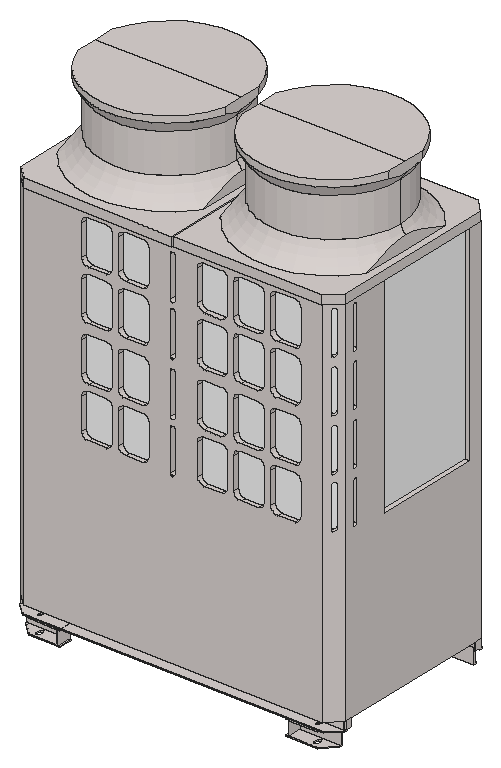
Revit family "PUHY-EM450YNW-A1", category 機械設備, Revit 2016
Family settings
  パーツ タイプ = 標準
  丸型コネクタ寸法 = 半径を使用
  OmniClass 番号 = 23.75.00.00
  OmniClass タイトル = Climate Control (HVAC)
  作業面に基づく = いいえ
  常に垂直 = はい
  ロード時にボイドで切り取り = いいえ
  共有 = いいえ
  部屋の計算ポイント = いいえ
Parameters (values of type "PUHY-EM450YNW-A1_380V_50Hz")
  Temp. range of cooling (Outdoor temp.) (D.B.) = "-5.0 to 52.0"
  Temp. range of cooling (Indoor temp.) (W.B.) = "15.0 to 24.0"
  Sound Pressure Level (dB(A)) Heating mode = 69.5
  Sound Pressure Level (dB(A)) Cooling mode = 65.5
  モデル = "PUHY-EM450YNW-A1"
  Width = 1240.000 mm
  WarrantyStart = ""
  Voltage = 380 V
  Unit Weight (kg) = 299
  URL = "http://www.mitsubishielectric.com/"
  製造元 = "Mitsubishi Electric Corporation"
  Temp. range of heating (Outdoor temp.) (W.B.) = "-20.0 to 15.5"
  Temp. range of heating (Indoor temp.) (D.B.) = "15.0 to 27.0"
  TagNumber = 0
  Subcategory = "HVAC"
  Space View = yes
  SerialNumber = 0
  ReplacementYear = ""
  Refrigerant type = "R32"
  Refrigerant Charge (kg) = 10.8
  Rated Load Ampacity (A) Heating mode = 26.4
  Rated Load Ampacity (A) Cooling mode = 23.9
  Protection Devices_Inverter circuit (COMP./FAN) = "Over-heat protection, Over-current protection"
  Protection Devices_High pressure (MPa) = "High pressure sensor, High pressure switch at 4.15"
  Phase = 3
  Outdoor unit Breaker size (A) = 60
  Note_1 = "Refrigerant pipe diameters may change depending on the installation condition. Please refer to the installation manual."
  Maximum Circuit Ampacity (A) = 37.8
  Liquid pipe_radius = 7.940 mm
  InstallationDate = ""
  Indoor Unit Total Capacity = "50 to 130% of outdoor unit capacity"
  Indoor Unit Model/Quantity = "W10 to W125/1 to 39"
  Hertz = 50 Hz
  Height = 1858.000 mm
  Heating Power Input (kW) = 15.68
  Heating Current (A) = 26.4
  Heating Capacity (kW) = 56
  Heating COP (kW/kW) = 3.57
  Gas pipe_radius = 14.290 mm
  Fan_Type = "Propeller Fan"
  Fan_Quantity = 2
  Fan Motor Output (kW) = 0.92
  External static pressure (Pa) = 0
  External Finish = "Pre-coated galvanized steel sheets (+powder coating for -BS type) <MUNSELL 5Y 8/1 or similar>"
  Equip_description = ""
  Equip_No. = 0
  Equip_ID = ""
  Description = ""
  Depth = 740.000 mm
  CreatedOn = ""
  CreatedBy = ""
  Cooling Power Input (kW) = 14.2
  Cooling EER (kW/kW) = 3.52
  Cooling Current (A) = 23.9
  Cooling Capacity (kW) = 50
  Compressor_Type = "Inverter scroll hermetic compressor"
  Compressor_Quantity = 1
  Compressor_Lubricant = "MEL46EH"
  Compressor Motor Output (kW) = "12.6"
  Category = ""
  Barcode = ""
  AssetIdentifier = ""
  Airflow Rate (m3/min) = 305
  Airflow Rate (m3/h) = 18300
Reference planes
  plane 1 "Center (Front/Back)": y = 0
  plane 2: z = 0
  plane 3 "Center (Left/Right)": x = 0
  plane 4: y = 370
  plane 5: z = 1858
  plane 6: y = -260
  plane 7: y = -204
  plane 8: y = -185
  plane 9: x = -620
  plane 10: x = 620
  plane 11: x = -620
  plane 12: z = 716
  plane 13: x = -524
  plane 14: z = 669
  plane 15: x = -50.5
  plane 16: x = 51
  plane 17: x = 489
  plane 18: x = 467
  plane 19 "132": x = 488
  plane 20 "100": z = 160
  plane 21: z = 185
  plane 22: x = 413
  plane 23: x = 364
  plane 24: z = 150
  plane 25: x = -287.25
  plane 26: x = -137.25
  plane 27: x = -272.25
  plane 28: y = -278
  plane 29: z = 1509
  plane 30: y = -370
  plane 31: x = -530
  plane 32: x = 530
  plane 33 "179": y = -191
Forms (mm)
  Extrusion 1, solid, material "Paint_5Y 8/1"
    sketch origin (-1, 0, 113) x (-1, 0, 0) y (0, -1, 0)
      loop
        line (569, -370) -> (619, -320) -> (619, 320) -> (569, 370) -> (-571, 370) -> (-621, 320) -> (-621, -320) -> (-571, -370) -> (569, -370)
    from -18 to 1408
  Extrusion 2, void
    sketch origin (524, -370, 113) x (1, 0, 0) y (0, 0, -1)
      loop
        arc (-60.8, -1393.5) -> (-42.557, -1385.943) -> (-35, -1367.7) r 25.8
        line (-35, -1367.7) -> (-35, -1248.5)
        arc (-35, -1248.5) -> (-42.557, -1230.257) -> (-60.8, -1222.7) r 25.8
        line (-60.8, -1222.7) -> (-126, -1222.7)
        arc (-126, -1222.7) -> (-144.243, -1230.257) -> (-151.8, -1248.5) r 25.8
        line (-151.8, -1248.5) -> (-151.8, -1367.7)
        arc (-151.8, -1367.7) -> (-144.243, -1385.943) -> (-126, -1393.5) r 25.8
        line (-126, -1393.5) -> (-60.8, -1393.5)
    from 0 to 20
  Extrusion 3, void
    sketch origin (524, -370, -81) x (1, 0, 0) y (0, 0, -1)
      loop
        arc (-60.8, -1393.5) -> (-42.557, -1385.943) -> (-35, -1367.7) r 25.8
        line (-35, -1367.7) -> (-35, -1248.5)
        arc (-35, -1248.5) -> (-42.557, -1230.257) -> (-60.8, -1222.7) r 25.8
        line (-60.8, -1222.7) -> (-126, -1222.7)
        arc (-126, -1222.7) -> (-144.243, -1230.257) -> (-151.8, -1248.5) r 25.8
        line (-151.8, -1248.5) -> (-151.8, -1367.7)
        arc (-151.8, -1367.7) -> (-144.243, -1385.943) -> (-126, -1393.5) r 25.8
        line (-126, -1393.5) -> (-60.8, -1393.5)
    from 0 to 20
  Extrusion 4, void
    sketch origin (524, -370, -287) x (1, 0, 0) y (0, 0, -1)
      loop
        arc (-60.8, -1393.5) -> (-42.557, -1385.943) -> (-35, -1367.7) r 25.8
        line (-35, -1367.7) -> (-35, -1248.5)
        arc (-35, -1248.5) -> (-42.557, -1230.257) -> (-60.8, -1222.7) r 25.8
        line (-60.8, -1222.7) -> (-126, -1222.7)
        arc (-126, -1222.7) -> (-144.243, -1230.257) -> (-151.8, -1248.5) r 25.8
        line (-151.8, -1248.5) -> (-151.8, -1367.7)
        arc (-151.8, -1367.7) -> (-144.243, -1385.943) -> (-126, -1393.5) r 25.8
        line (-126, -1393.5) -> (-60.8, -1393.5)
    from 0 to 20
  Extrusion 5, void
    sketch origin (524, -370, -481) x (1, 0, 0) y (0, 0, -1)
      loop
        arc (-60.8, -1393.5) -> (-42.557, -1385.943) -> (-35, -1367.7) r 25.8
        line (-35, -1367.7) -> (-35, -1248.5)
        arc (-35, -1248.5) -> (-42.557, -1230.257) -> (-60.8, -1222.7) r 25.8
        line (-60.8, -1222.7) -> (-126, -1222.7)
        arc (-126, -1222.7) -> (-144.243, -1230.257) -> (-151.8, -1248.5) r 25.8
        line (-151.8, -1248.5) -> (-151.8, -1367.7)
        arc (-151.8, -1367.7) -> (-144.243, -1385.943) -> (-126, -1393.5) r 25.8
        line (-126, -1393.5) -> (-60.8, -1393.5)
    from 0 to 20
  Extrusion 6, void
    sketch origin (384, -370, 113) x (1, 0, 0) y (0, 0, -1)
      loop
        arc (-60.8, -1393.5) -> (-42.557, -1385.943) -> (-35, -1367.7) r 25.8
        line (-35, -1367.7) -> (-35, -1248.5)
        arc (-35, -1248.5) -> (-42.557, -1230.257) -> (-60.8, -1222.7) r 25.8
        line (-60.8, -1222.7) -> (-126, -1222.7)
        arc (-126, -1222.7) -> (-144.243, -1230.257) -> (-151.8, -1248.5) r 25.8
        line (-151.8, -1248.5) -> (-151.8, -1367.7)
        arc (-151.8, -1367.7) -> (-144.243, -1385.943) -> (-126, -1393.5) r 25.8
        line (-126, -1393.5) -> (-60.8, -1393.5)
    from 0 to 20
  Extrusion 7, void
    sketch origin (384, -370, -81) x (1, 0, 0) y (0, 0, -1)
      loop
        arc (-60.8, -1393.5) -> (-42.557, -1385.943) -> (-35, -1367.7) r 25.8
        line (-35, -1367.7) -> (-35, -1248.5)
        arc (-35, -1248.5) -> (-42.557, -1230.257) -> (-60.8, -1222.7) r 25.8
        line (-60.8, -1222.7) -> (-126, -1222.7)
        arc (-126, -1222.7) -> (-144.243, -1230.257) -> (-151.8, -1248.5) r 25.8
        line (-151.8, -1248.5) -> (-151.8, -1367.7)
        arc (-151.8, -1367.7) -> (-144.243, -1385.943) -> (-126, -1393.5) r 25.8
        line (-126, -1393.5) -> (-60.8, -1393.5)
    from 0 to 20
  Extrusion 8, void
    sketch origin (384, -370, -287) x (1, 0, 0) y (0, 0, -1)
      loop
        arc (-60.8, -1393.5) -> (-42.557, -1385.943) -> (-35, -1367.7) r 25.8
        line (-35, -1367.7) -> (-35, -1248.5)
        arc (-35, -1248.5) -> (-42.557, -1230.257) -> (-60.8, -1222.7) r 25.8
        line (-60.8, -1222.7) -> (-126, -1222.7)
        arc (-126, -1222.7) -> (-144.243, -1230.257) -> (-151.8, -1248.5) r 25.8
        line (-151.8, -1248.5) -> (-151.8, -1367.7)
        arc (-151.8, -1367.7) -> (-144.243, -1385.943) -> (-126, -1393.5) r 25.8
        line (-126, -1393.5) -> (-60.8, -1393.5)
    from 0 to 20
  Extrusion 9, void
    sketch origin (384, -370, -481) x (1, 0, 0) y (0, 0, -1)
      loop
        arc (-60.8, -1393.5) -> (-42.557, -1385.943) -> (-35, -1367.7) r 25.8
        line (-35, -1367.7) -> (-35, -1248.5)
        arc (-35, -1248.5) -> (-42.557, -1230.257) -> (-60.8, -1222.7) r 25.8
        line (-60.8, -1222.7) -> (-126, -1222.7)
        arc (-126, -1222.7) -> (-144.243, -1230.257) -> (-151.8, -1248.5) r 25.8
        line (-151.8, -1248.5) -> (-151.8, -1367.7)
        arc (-151.8, -1367.7) -> (-144.243, -1385.943) -> (-126, -1393.5) r 25.8
        line (-126, -1393.5) -> (-60.8, -1393.5)
    from 0 to 20
  Extrusion 10, void
    sketch origin (244, -370, 113) x (1, 0, 0) y (0, 0, -1)
      loop
        arc (-60.8, -1393.5) -> (-42.557, -1385.943) -> (-35, -1367.7) r 25.8
        line (-35, -1367.7) -> (-35, -1248.5)
        arc (-35, -1248.5) -> (-42.557, -1230.257) -> (-60.8, -1222.7) r 25.8
        line (-60.8, -1222.7) -> (-126, -1222.7)
        arc (-126, -1222.7) -> (-144.243, -1230.257) -> (-151.8, -1248.5) r 25.8
        line (-151.8, -1248.5) -> (-151.8, -1367.7)
        arc (-151.8, -1367.7) -> (-144.243, -1385.943) -> (-126, -1393.5) r 25.8
        line (-126, -1393.5) -> (-60.8, -1393.5)
    from 0 to 20
  Extrusion 11, void
    sketch origin (244, -370, -81) x (1, 0, 0) y (0, 0, -1)
      loop
        arc (-60.8, -1393.5) -> (-42.557, -1385.943) -> (-35, -1367.7) r 25.8
        line (-35, -1367.7) -> (-35, -1248.5)
        arc (-35, -1248.5) -> (-42.557, -1230.257) -> (-60.8, -1222.7) r 25.8
        line (-60.8, -1222.7) -> (-126, -1222.7)
        arc (-126, -1222.7) -> (-144.243, -1230.257) -> (-151.8, -1248.5) r 25.8
        line (-151.8, -1248.5) -> (-151.8, -1367.7)
        arc (-151.8, -1367.7) -> (-144.243, -1385.943) -> (-126, -1393.5) r 25.8
        line (-126, -1393.5) -> (-60.8, -1393.5)
    from 0 to 20
  Extrusion 12, void
    sketch origin (244, -370, -287) x (1, 0, 0) y (0, 0, -1)
      loop
        arc (-60.8, -1393.5) -> (-42.557, -1385.943) -> (-35, -1367.7) r 25.8
        line (-35, -1367.7) -> (-35, -1248.5)
        arc (-35, -1248.5) -> (-42.557, -1230.257) -> (-60.8, -1222.7) r 25.8
        line (-60.8, -1222.7) -> (-126, -1222.7)
        arc (-126, -1222.7) -> (-144.243, -1230.257) -> (-151.8, -1248.5) r 25.8
        line (-151.8, -1248.5) -> (-151.8, -1367.7)
        arc (-151.8, -1367.7) -> (-144.243, -1385.943) -> (-126, -1393.5) r 25.8
        line (-126, -1393.5) -> (-60.8, -1393.5)
    from 0 to 20
  Extrusion 13, void
    sketch origin (244, -370, -481) x (1, 0, 0) y (0, 0, -1)
      loop
        arc (-60.8, -1393.5) -> (-42.557, -1385.943) -> (-35, -1367.7) r 25.8
        line (-35, -1367.7) -> (-35, -1248.5)
        arc (-35, -1248.5) -> (-42.557, -1230.257) -> (-60.8, -1222.7) r 25.8
        line (-60.8, -1222.7) -> (-126, -1222.7)
        arc (-126, -1222.7) -> (-144.243, -1230.257) -> (-151.8, -1248.5) r 25.8
        line (-151.8, -1248.5) -> (-151.8, -1367.7)
        arc (-151.8, -1367.7) -> (-144.243, -1385.943) -> (-126, -1393.5) r 25.8
        line (-126, -1393.5) -> (-60.8, -1393.5)
    from 0 to 20
  Extrusion 14, void
    sketch origin (-56, -370, 113) x (1, 0, 0) y (0, 0, -1)
      loop
        arc (-60.8, -1393.5) -> (-42.557, -1385.943) -> (-35, -1367.7) r 25.8
        line (-35, -1367.7) -> (-35, -1248.5)
        arc (-35, -1248.5) -> (-42.557, -1230.257) -> (-60.8, -1222.7) r 25.8
        line (-60.8, -1222.7) -> (-126, -1222.7)
        arc (-126, -1222.7) -> (-144.243, -1230.257) -> (-151.8, -1248.5) r 25.8
        line (-151.8, -1248.5) -> (-151.8, -1367.7)
        arc (-151.8, -1367.7) -> (-144.243, -1385.943) -> (-126, -1393.5) r 25.8
        line (-126, -1393.5) -> (-60.8, -1393.5)
    from 0 to 20
  Extrusion 15, void
    sketch origin (-56, -370, -81) x (1, 0, 0) y (0, 0, -1)
      loop
        arc (-60.8, -1393.5) -> (-42.557, -1385.943) -> (-35, -1367.7) r 25.8
        line (-35, -1367.7) -> (-35, -1248.5)
        arc (-35, -1248.5) -> (-42.557, -1230.257) -> (-60.8, -1222.7) r 25.8
        line (-60.8, -1222.7) -> (-126, -1222.7)
        arc (-126, -1222.7) -> (-144.243, -1230.257) -> (-151.8, -1248.5) r 25.8
        line (-151.8, -1248.5) -> (-151.8, -1367.7)
        arc (-151.8, -1367.7) -> (-144.243, -1385.943) -> (-126, -1393.5) r 25.8
        line (-126, -1393.5) -> (-60.8, -1393.5)
    from 0 to 20
  Extrusion 16, void
    sketch origin (-56, -370, -287) x (1, 0, 0) y (0, 0, -1)
      loop
        arc (-60.8, -1393.5) -> (-42.557, -1385.943) -> (-35, -1367.7) r 25.8
        line (-35, -1367.7) -> (-35, -1248.5)
        arc (-35, -1248.5) -> (-42.557, -1230.257) -> (-60.8, -1222.7) r 25.8
        line (-60.8, -1222.7) -> (-126, -1222.7)
        arc (-126, -1222.7) -> (-144.243, -1230.257) -> (-151.8, -1248.5) r 25.8
        line (-151.8, -1248.5) -> (-151.8, -1367.7)
        arc (-151.8, -1367.7) -> (-144.243, -1385.943) -> (-126, -1393.5) r 25.8
        line (-126, -1393.5) -> (-60.8, -1393.5)
    from 0 to 20
  Extrusion 17, void
    sketch origin (-56, -370, -481) x (1, 0, 0) y (0, 0, -1)
      loop
        arc (-60.8, -1393.5) -> (-42.557, -1385.943) -> (-35, -1367.7) r 25.8
        line (-35, -1367.7) -> (-35, -1248.5)
        arc (-35, -1248.5) -> (-42.557, -1230.257) -> (-60.8, -1222.7) r 25.8
        line (-60.8, -1222.7) -> (-126, -1222.7)
        arc (-126, -1222.7) -> (-144.243, -1230.257) -> (-151.8, -1248.5) r 25.8
        line (-151.8, -1248.5) -> (-151.8, -1367.7)
        arc (-151.8, -1367.7) -> (-144.243, -1385.943) -> (-126, -1393.5) r 25.8
        line (-126, -1393.5) -> (-60.8, -1393.5)
    from 0 to 20
  Extrusion 18, void
    sketch origin (-196, -370, 113) x (1, 0, 0) y (0, 0, -1)
      loop
        arc (-60.8, -1393.5) -> (-42.557, -1385.943) -> (-35, -1367.7) r 25.8
        line (-35, -1367.7) -> (-35, -1248.5)
        arc (-35, -1248.5) -> (-42.557, -1230.257) -> (-60.8, -1222.7) r 25.8
        line (-60.8, -1222.7) -> (-126, -1222.7)
        arc (-126, -1222.7) -> (-144.243, -1230.257) -> (-151.8, -1248.5) r 25.8
        line (-151.8, -1248.5) -> (-151.8, -1367.7)
        arc (-151.8, -1367.7) -> (-144.243, -1385.943) -> (-126, -1393.5) r 25.8
        line (-126, -1393.5) -> (-60.8, -1393.5)
    from 0 to 20
  Extrusion 19, void
    sketch origin (-196, -370, -81) x (1, 0, 0) y (0, 0, -1)
      loop
        arc (-60.8, -1393.5) -> (-42.557, -1385.943) -> (-35, -1367.7) r 25.8
        line (-35, -1367.7) -> (-35, -1248.5)
        arc (-35, -1248.5) -> (-42.557, -1230.257) -> (-60.8, -1222.7) r 25.8
        line (-60.8, -1222.7) -> (-126, -1222.7)
        arc (-126, -1222.7) -> (-144.243, -1230.257) -> (-151.8, -1248.5) r 25.8
        line (-151.8, -1248.5) -> (-151.8, -1367.7)
        arc (-151.8, -1367.7) -> (-144.243, -1385.943) -> (-126, -1393.5) r 25.8
        line (-126, -1393.5) -> (-60.8, -1393.5)
    from 0 to 20
  Extrusion 20, void
    sketch origin (-196, -370, -287) x (1, 0, 0) y (0, 0, -1)
      loop
        arc (-60.8, -1393.5) -> (-42.557, -1385.943) -> (-35, -1367.7) r 25.8
        line (-35, -1367.7) -> (-35, -1248.5)
        arc (-35, -1248.5) -> (-42.557, -1230.257) -> (-60.8, -1222.7) r 25.8
        line (-60.8, -1222.7) -> (-126, -1222.7)
        arc (-126, -1222.7) -> (-144.243, -1230.257) -> (-151.8, -1248.5) r 25.8
        line (-151.8, -1248.5) -> (-151.8, -1367.7)
        arc (-151.8, -1367.7) -> (-144.243, -1385.943) -> (-126, -1393.5) r 25.8
        line (-126, -1393.5) -> (-60.8, -1393.5)
    from 0 to 20
  Extrusion 21, void
    sketch origin (-196, -370, -481) x (1, 0, 0) y (0, 0, -1)
      loop
        arc (-60.8, -1393.5) -> (-42.557, -1385.943) -> (-35, -1367.7) r 25.8
        line (-35, -1367.7) -> (-35, -1248.5)
        arc (-35, -1248.5) -> (-42.557, -1230.257) -> (-60.8, -1222.7) r 25.8
        line (-60.8, -1222.7) -> (-126, -1222.7)
        arc (-126, -1222.7) -> (-144.243, -1230.257) -> (-151.8, -1248.5) r 25.8
        line (-151.8, -1248.5) -> (-151.8, -1367.7)
        arc (-151.8, -1367.7) -> (-144.243, -1385.943) -> (-126, -1393.5) r 25.8
        line (-126, -1393.5) -> (-60.8, -1393.5)
    from 0 to 20
  Extrusion 22, void
    sketch origin (620, 320, 113) x (0, 1, 0) y (0, 0, -1)
      loop
        line (-462.3, -1408) -> (-50.8, -1408) -> (-50.8, -612) -> (-462.3, -612) -> (-462.3, -1408)
    from 0 to 20
  Extrusion 23, void
    sketch origin (-620, -320, 113) x (0, -1, 0) y (0, 0, -1)
      loop
        line (-535.7, -1408) -> (-207.7, -1408) -> (-207.7, -592) -> (-535.7, -592) -> (-535.7, -1408)
    from 0 to 20
  Extrusion 24, void
    sketch origin (194.892, 370, 113) x (-1, 0, 0) y (0, 0, -1)
      loop
        arc (204.892, -1225.013) -> (194.892, -1215.013) -> (184.892, -1225.013) r 10
        line (184.892, -1225.013) -> (184.892, -1379.987)
        arc (184.892, -1379.987) -> (194.892, -1389.987) -> (204.892, -1379.987) r 10
        line (204.892, -1379.987) -> (204.892, -1225.013)
      loop
        arc (204.892, -1031.013) -> (194.892, -1021.013) -> (184.892, -1031.013) r 10
        line (184.892, -1031.013) -> (184.892, -1185.987)
        arc (184.892, -1185.987) -> (194.892, -1195.987) -> (204.892, -1185.987) r 10
        line (204.892, -1185.987) -> (204.892, -1031.013)
      loop
        arc (204.892, -825.013) -> (194.892, -815.013) -> (184.892, -825.013) r 10
        line (184.892, -825.013) -> (184.892, -979.987)
        arc (184.892, -979.987) -> (194.892, -989.987) -> (204.892, -979.987) r 10
        line (204.892, -979.987) -> (204.892, -825.013)
      loop
        arc (204.892, -631.013) -> (194.892, -621.013) -> (184.892, -631.013) r 10
        line (184.892, -631.013) -> (184.892, -785.987)
        arc (184.892, -785.987) -> (194.892, -795.987) -> (204.892, -785.987) r 10
        line (204.892, -785.987) -> (204.892, -631.013)
    from 0 to 20
  Extrusion 25, void
    sketch origin (-570, 370, 113) x (0.707107, 0.707107, 0) y (0, 0, 1)
      loop
        arc (-45.355, 1236) -> (-35.355, 1226) -> (-25.355, 1236) r 10
        line (-25.355, 1236) -> (-25.355, 1386)
        arc (-25.355, 1386) -> (-35.355, 1396) -> (-45.355, 1386) r 10
        line (-45.355, 1386) -> (-45.355, 1236)
      loop
        arc (-45.355, 1036) -> (-35.355, 1026) -> (-25.355, 1036) r 10
        line (-25.355, 1036) -> (-25.355, 1186)
        arc (-25.355, 1186) -> (-35.355, 1196) -> (-45.355, 1186) r 10
        line (-45.355, 1186) -> (-45.355, 1036)
      loop
        arc (-45.355, 836) -> (-35.355, 826) -> (-25.355, 836) r 10
        line (-25.355, 836) -> (-25.355, 986)
        arc (-25.355, 986) -> (-35.355, 996) -> (-45.355, 986) r 10
        line (-45.355, 986) -> (-45.355, 836)
      loop
        arc (-45.355, 641) -> (-35.355, 631) -> (-25.355, 641) r 10
        line (-25.355, 641) -> (-25.355, 791)
        arc (-25.355, 791) -> (-35.355, 801) -> (-45.355, 791) r 10
        line (-45.355, 791) -> (-45.355, 641)
    from 0 to 20
  Extrusion 26, void
    sketch origin (-620, -320, 113) x (0, -1, 0) y (0, 0, -1)
      loop
        line (-607.846, -1035.895) -> (-607.846, -1186.105)
        arc (-607.846, -1186.105) -> (-597.846, -1196.105) -> (-587.846, -1186.105) r 10
        line (-587.846, -1186.105) -> (-587.846, -1035.895)
        arc (-587.846, -1035.895) -> (-597.846, -1025.895) -> (-607.846, -1035.895) r 10
      loop
        line (-607.846, -835.895) -> (-607.846, -986.105)
        arc (-607.846, -986.105) -> (-597.846, -996.105) -> (-587.846, -986.105) r 10
        line (-587.846, -986.105) -> (-587.846, -835.895)
        arc (-587.846, -835.895) -> (-597.846, -825.895) -> (-607.846, -835.895) r 10
      loop
        line (-607.846, -1235.895) -> (-607.846, -1386.105)
        arc (-607.846, -1386.105) -> (-597.846, -1396.105) -> (-587.846, -1386.105) r 10
        line (-587.846, -1386.105) -> (-587.846, -1235.895)
        arc (-587.846, -1235.895) -> (-597.846, -1225.895) -> (-607.846, -1235.895) r 10
      loop
        line (-607.846, -635.895) -> (-607.846, -786.105)
        arc (-607.846, -786.105) -> (-597.846, -796.105) -> (-587.846, -786.105) r 10
        line (-587.846, -786.105) -> (-587.846, -635.895)
        arc (-587.846, -635.895) -> (-597.846, -625.895) -> (-607.846, -635.895) r 10
    from 0 to 20
  Extrusion 27, void
    sketch origin (1079, -370, 113) x (1, 0, 0) y (0, 0, -1)
      loop
        arc (-1089, -1379.975) -> (-1079, -1389.975) -> (-1069, -1379.975) r 10
        line (-1069, -1379.975) -> (-1069, -1225)
        arc (-1069, -1225) -> (-1079, -1215) -> (-1089, -1225) r 10
        line (-1089, -1225) -> (-1089, -1379.975)
      loop
        arc (-1089, -1185.975) -> (-1079, -1195.975) -> (-1069, -1185.975) r 10
        line (-1069, -1185.975) -> (-1069, -1031)
        arc (-1069, -1031) -> (-1079, -1021) -> (-1089, -1031) r 10
        line (-1089, -1031) -> (-1089, -1185.975)
      loop
        arc (-1089, -979.975) -> (-1079, -989.975) -> (-1069, -979.975) r 10
        line (-1069, -979.975) -> (-1069, -825)
        arc (-1069, -825) -> (-1079, -815) -> (-1089, -825) r 10
        line (-1089, -825) -> (-1089, -979.975)
      loop
        arc (-1089, -785.975) -> (-1079, -795.975) -> (-1069, -785.975) r 10
        line (-1069, -785.975) -> (-1069, -631)
        arc (-1069, -631) -> (-1079, -621) -> (-1089, -631) r 10
        line (-1089, -631) -> (-1089, -785.975)
    from 0 to 20
  Extrusion 28, void
    sketch origin (-571, 370, 113) x (-1, 0, 0) y (0, 0, -1)
      loop
        line (-519.5, -1408) -> (-48, -1408) -> (-48, -556) -> (-519.5, -556) -> (-519.5, -1408)
    from 0 to 20
  Extrusion 29, void
    sketch origin (-571, 370, 113) x (-1, 0, 0) y (0, 0, -1)
      loop
        line (-1038, -1408) -> (-622, -1408) -> (-622, -556) -> (-1038, -556) -> (-1038, -1408)
    from 0 to 20
  Extrusion 30, void
    sketch origin (620, 320, 113) x (0, 1, 0) y (0, 0, -1)
      loop
        arc (-588, -1035.791) -> (-598, -1025.791) -> (-608, -1035.791) r 10
        line (-608, -1035.791) -> (-608, -1186)
        arc (-608, -1186) -> (-598, -1196) -> (-588, -1186) r 10
        line (-588, -1186) -> (-588, -1035.791)
      loop
        arc (-588, -835.791) -> (-598, -825.791) -> (-608, -835.791) r 10
        line (-608, -835.791) -> (-608, -986)
        arc (-608, -986) -> (-598, -996) -> (-588, -986) r 10
        line (-588, -986) -> (-588, -835.791)
      loop
        arc (-588, -1235.791) -> (-598, -1225.791) -> (-608, -1235.791) r 10
        line (-608, -1235.791) -> (-608, -1386)
        arc (-608, -1386) -> (-598, -1396) -> (-588, -1386) r 10
        line (-588, -1386) -> (-588, -1235.791)
      loop
        arc (-588, -635.791) -> (-598, -625.791) -> (-608, -635.791) r 10
        line (-608, -635.791) -> (-608, -786)
        arc (-608, -786) -> (-598, -796) -> (-588, -786) r 10
        line (-588, -786) -> (-588, -635.791)
    from 0 to 20
  Extrusion 31, void
    sketch origin (1291.751, 351.751, 113) x (0.707107, 0.707107, 0) y (0, 0, -1)
      loop
        line (-995.311, -1236) -> (-995.311, -1386)
        arc (-995.311, -1386) -> (-985.311, -1396) -> (-975.311, -1386) r 10
        line (-975.311, -1386) -> (-975.311, -1236)
        arc (-975.311, -1236) -> (-985.311, -1226) -> (-995.311, -1236) r 10
      loop
        line (-995.311, -1036) -> (-995.311, -1186)
        arc (-995.311, -1186) -> (-985.311, -1196) -> (-975.311, -1186) r 10
        line (-975.311, -1186) -> (-975.311, -1036)
        arc (-975.311, -1036) -> (-985.311, -1026) -> (-995.311, -1036) r 10
      loop
        line (-995.311, -836) -> (-995.311, -986)
        arc (-995.311, -986) -> (-985.311, -996) -> (-975.311, -986) r 10
        line (-975.311, -986) -> (-975.311, -836)
        arc (-975.311, -836) -> (-985.311, -826) -> (-995.311, -836) r 10
      loop
        line (-995.311, -641) -> (-995.311, -791)
        arc (-995.311, -791) -> (-985.311, -801) -> (-975.311, -791) r 10
        line (-975.311, -791) -> (-975.311, -641)
        arc (-975.311, -641) -> (-985.311, -631) -> (-995.311, -641) r 10
    from 0 to 20
  Extrusion 32, void
    sketch origin (0, -191, 0) x (-1, 0, 0) y (0, 0, 1)
      loop
        circle (460, 176) r 7.94
    from 0 to 78.7
  Extrusion 33, void
    sketch origin (0, -191, 0) x (-1, 0, 0) y (0, 0, 1)
      loop
        circle (377, 176) r 14.29
    from 0 to 78.7
Cuts and joins
  Extrusion 2, Extrusion 3, Extrusion 4, Extrusion 5, Extrusion 6, Extrusion 7, Extrusion 8, Extrusion 9, Extrusion 10, Extrusion 11, Extrusion 12, Extrusion 13, Extrusion 14, Extrusion 15, Extrusion 16, Extrusion 17, Extrusion 18, Extrusion 19, Extrusion 20, Extrusion 21, Extrusion 22, Extrusion 23, Extrusion 24, Extrusion 25, Extrusion 26, Extrusion 27, Extrusion 28, Extrusion 29, Extrusion 30, Extrusion 31, Extrusion 32, Extrusion 33 cuts Extrusion 1
Lines and regions (mm)
  model lines
    curve 1: line (-351, -291, 95) -> (-481, -291, 95)
    curve 2: line (-342, -206, 95) -> (-342, -282, 95)
    curve 3: line (-481, -197, 95) -> (-351, -197, 95)
    curve 4: line (-492, -280, 95) -> (-492, -208, 95)
    curve 5: arc (-492, -280, 95) -> (-488.778, -287.778, 95) -> (-481, -291, 95) r 11
    curve 6: arc (-351, -291, 95) -> (-344.636, -288.364, 95) -> (-342, -282, 95) r 9
    curve 7: arc (-342, -206, 95) -> (-344.636, -199.636, 95) -> (-351, -197, 95) r 9
    curve 8: arc (-481, -197, 95) -> (-488.778, -200.222, 95) -> (-492, -208, 95) r 11
    curve 9: line (-30, -370, 1521) -> (-30, -370, 95)
    curve 10: line (30, -370, 1521) -> (30, -370, 95)
    curve 11: line (-485, -370, 215) -> (-357, -370, 215)
    curve 12: line (-495, -370, 141) -> (-495, -370, 205)
    curve 13: line (-357, -370, 131) -> (-485, -370, 131)
    curve 14: line (-347, -370, 205) -> (-347, -370, 141)
    curve 15: arc (-485, -370, 215) -> (-492.071, -370, 212.071) -> (-495, -370, 205) r 10
    curve 16: arc (-495, -370, 141) -> (-492.071, -370, 133.929) -> (-485, -370, 131) r 10
    curve 17: arc (-357, -370, 131) -> (-349.929, -370, 133.929) -> (-347, -370, 141) r 10
    curve 18: arc (-347, -370, 205) -> (-349.929, -370, 212.071) -> (-357, -370, 215) r 10
    curve 19: line (-405, -370, 1521) -> (-405, -370, 716)
    curve 20: line (620, -162.3, 1521) -> (620, -162.3, 95)
    curve 21: line (620, 289.2, 1521) -> (620, 289.2, 95)
    curve 22: line (620, -162.3, 705) -> (620, 289.2, 705)
    curve 23: line (620, -162.3, 725) -> (620, 289.2, 725)
    curve 24: line (620, -76.8, 583) -> (620, 203.2, 583)
    curve 25: line (620, 203.2, 563) -> (620, -76.8, 563)
    curve 26: arc (620, -76.8, 583) -> (620, -83.871, 580.071) -> (620, -86.8, 573) r 10
    curve 27: arc (620, -76.8, 563) -> (620, -83.871, 565.929) -> (620, -86.8, 573) r 10
    curve 28: arc (620, 203.2, 583) -> (620, 210.271, 580.071) -> (620, 213.2, 573) r 10
    curve 29: arc (620, 203.2, 563) -> (620, 210.271, 565.929) -> (620, 213.2, 573) r 10
    curve 30: line (620, -76.8, 478) -> (620, 203.2, 478)
    curve 31: line (620, 203.2, 458) -> (620, -76.8, 458)
    curve 32: arc (620, -76.8, 478) -> (620, -83.871, 475.071) -> (620, -86.8, 468) r 10
    curve 33: arc (620, -76.8, 458) -> (620, -83.871, 460.929) -> (620, -86.8, 468) r 10
    curve 34: arc (620, 203.2, 478) -> (620, 210.271, 475.071) -> (620, 213.2, 468) r 10
    curve 35: arc (620, 203.2, 458) -> (620, 210.271, 460.929) -> (620, 213.2, 468) r 10
    curve 36: line (620, -76.8, 373) -> (620, 203.2, 373)
    curve 37: line (620, 203.2, 353) -> (620, -76.8, 353)
    curve 38: arc (620, -76.8, 373) -> (620, -83.871, 370.071) -> (620, -86.8, 363) r 10
    curve 39: arc (620, -76.8, 353) -> (620, -83.871, 355.929) -> (620, -86.8, 363) r 10
    curve 40: arc (620, 203.2, 373) -> (620, 210.271, 370.071) -> (620, 213.2, 363) r 10
    curve 41: arc (620, 203.2, 353) -> (620, 210.271, 355.929) -> (620, 213.2, 363) r 10
    curve 42: line (620, -76.8, 268) -> (620, 203.2, 268)
    curve 43: line (620, 203.2, 248) -> (620, -76.8, 248)
    curve 44: arc (620, -76.8, 268) -> (620, -83.871, 265.071) -> (620, -86.8, 258) r 10
    curve 45: arc (620, -76.8, 248) -> (620, -83.871, 250.929) -> (620, -86.8, 258) r 10
    curve 46: arc (620, 203.2, 268) -> (620, 210.271, 265.071) -> (620, 213.2, 258) r 10
    curve 47: arc (620, 203.2, 248) -> (620, 210.271, 250.929) -> (620, 213.2, 258) r 10
    curve 48: line (-620, -162.3, 1521) -> (-620, -162.3, 95)
    curve 49: line (-620, 235.7, 1521) -> (-620, 235.7, 95)
    curve 50: line (-620, -112.3, 1521) -> (-620, -112.3, 705)
    curve 51: line (-620, 215.7, 1521) -> (-620, 215.7, 705)
    curve 52: line (-620, 235.7, 705) -> (-620, -162.3, 705)
    curve 53: line (-620, 176.7, 268) -> (-620, -103.3, 268)
    curve 54: line (-620, -103.3, 248) -> (-620, 176.7, 248)
    curve 55: arc (-620, 186.7, 258) -> (-620, 183.771, 265.071) -> (-620, 176.7, 268) r 10
    curve 56: arc (-620, 176.7, 248) -> (-620, 183.771, 250.929) -> (-620, 186.7, 258) r 10
    curve 57: arc (-620, -103.3, 268) -> (-620, -110.371, 265.071) -> (-620, -113.3, 258) r 10
    curve 58: arc (-620, -113.3, 258) -> (-620, -110.371, 250.929) -> (-620, -103.3, 248) r 10
    curve 59: line (-620, 176.7, 373) -> (-620, -103.3, 373)
    curve 60: line (-620, -103.3, 353) -> (-620, 176.7, 353)
    curve 61: arc (-620, 186.7, 363) -> (-620, 183.771, 370.071) -> (-620, 176.7, 373) r 10
    curve 62: arc (-620, 176.7, 353) -> (-620, 183.771, 355.929) -> (-620, 186.7, 363) r 10
    curve 63: arc (-620, -103.3, 373) -> (-620, -110.371, 370.071) -> (-620, -113.3, 363) r 10
    curve 64: arc (-620, -113.3, 363) -> (-620, -110.371, 355.929) -> (-620, -103.3, 353) r 10
    curve 65: line (-620, 176.7, 478) -> (-620, -103.3, 478)
    curve 66: line (-620, -103.3, 458) -> (-620, 176.7, 458)
    curve 67: arc (-620, 186.7, 468) -> (-620, 183.771, 475.071) -> (-620, 176.7, 478) r 10
    curve 68: arc (-620, 176.7, 458) -> (-620, 183.771, 460.929) -> (-620, 186.7, 468) r 10
    curve 69: arc (-620, -103.3, 478) -> (-620, -110.371, 475.071) -> (-620, -113.3, 468) r 10
    curve 70: arc (-620, -113.3, 468) -> (-620, -110.371, 460.929) -> (-620, -103.3, 458) r 10
    curve 71: line (-620, 176.7, 583) -> (-620, -103.3, 583)
    curve 72: line (-620, -103.3, 563) -> (-620, 176.7, 563)
    curve 73: arc (-620, 186.7, 573) -> (-620, 183.771, 580.071) -> (-620, 176.7, 583) r 10
    curve 74: arc (-620, 176.7, 563) -> (-620, 183.771, 565.929) -> (-620, 186.7, 573) r 10
    curve 75: arc (-620, -103.3, 583) -> (-620, -110.371, 580.071) -> (-620, -113.3, 573) r 10
    curve 76: arc (-620, -113.3, 573) -> (-620, -110.371, 565.929) -> (-620, -103.3, 563) r 10
    curve 77: line (-544, 370, 1521) -> (-544, 370, 95)
    curve 78: line (489, 370, 649) -> (30, 370, 649)
    curve 79: line (-30.5, 370, 649) -> (-544, 370, 649)
    curve 80: line (-147.25, 370, 584) -> (-427.25, 370, 584)
    curve 81: line (-427.25, 370, 564) -> (-147.25, 370, 564)
    curve 82: arc (-137.25, 370, 574) -> (-140.179, 370, 581.071) -> (-147.25, 370, 584) r 10
    curve 83: arc (-147.25, 370, 564) -> (-140.179, 370, 566.929) -> (-137.25, 370, 574) r 10
    curve 84: arc (-427.25, 370, 584) -> (-434.321, 370, 581.071) -> (-437.25, 370, 574) r 10
    curve 85: arc (-437.25, 370, 574) -> (-434.321, 370, 566.929) -> (-427.25, 370, 564) r 10
    curve 86: circle (448, -185, 1521) r 15 normal (0, 0, 1)
    curve 87: circle (468, -185, 95) r 26 normal (0, 0, 1)
    curve 88: circle (448, -260, 95) r 32.5 normal (0, 0, 1)
    curve 89: circle (404, -204, 95) r 17 normal (0, 0, 1)
    curve 90: line (-550, -370, 1521) -> (-550, -370, 95)
    curve 91: line (-550, -370, 716) -> (-30, -370, 716)
    curve 92: line (550, -370, 95) -> (550, -370, 1521)
    curve 93: line (30, -370, 716) -> (550, -370, 716)
    curve 94: line (-30.5, 370, 1521) -> (-30.5, 370, 95)
    curve 95: line (30, 370, 1521) -> (30, 370, 95)
    curve 96: line (489, 370, 1521) -> (489, 370, 95)
    curve 97: line (467, 370, 669) -> (467, 370, 649)
    curve 98: line (-352, -370, 223) -> (-550, -370, 223)
    curve 99: line (-342, -370, 213) -> (-342, -370, 95)
    curve 100: arc (-342, -370, 213) -> (-344.929, -370, 220.071) -> (-352, -370, 223) r 10
    curve 101: circle (488, -370, 160) r 32.5 normal (0, -1, 0)
    curve 102: circle (488, -370, 160) r 20 normal (0, -1, 0)
    curve 103: circle (364, -370, 150) r 17 normal (0, -1, 0)
    curve 104: circle (413, -370, 185) r 26 normal (0, -1, 0)
    curve 105: circle (413, -370, 185) r 13.5 normal (0, -1, 0)
    curve 106: line (352, -370, 223) -> (550, -370, 223)
    curve 107: line (342, -370, 213) -> (342, -370, 95)
    curve 108: arc (342, -370, 213) -> (344.929, -370, 220.071) -> (352, -370, 223) r 10
    curve 109: line (-147.25, 370, 479) -> (-427.25, 370, 479)
    curve 110: line (-427.25, 370, 459) -> (-147.25, 370, 459)
    curve 111: arc (-137.25, 370, 469) -> (-140.179, 370, 476.071) -> (-147.25, 370, 479) r 10
    curve 112: arc (-147.25, 370, 459) -> (-140.179, 370, 461.929) -> (-137.25, 370, 469) r 10
    curve 113: arc (-427.25, 370, 479) -> (-434.321, 370, 476.071) -> (-437.25, 370, 469) r 10
    curve 114: arc (-437.25, 370, 469) -> (-434.321, 370, 461.929) -> (-427.25, 370, 459) r 10
    curve 115: line (-147.25, 370, 374) -> (-427.25, 370, 374)
    curve 116: line (-427.25, 370, 354) -> (-147.25, 370, 354)
    curve 117: arc (-137.25, 370, 364) -> (-140.179, 370, 371.071) -> (-147.25, 370, 374) r 10
    curve 118: arc (-147.25, 370, 354) -> (-140.179, 370, 356.929) -> (-137.25, 370, 364) r 10
    curve 119: arc (-427.25, 370, 374) -> (-434.321, 370, 371.071) -> (-437.25, 370, 364) r 10
    curve 120: arc (-437.25, 370, 364) -> (-434.321, 370, 356.929) -> (-427.25, 370, 354) r 10
    curve 121: line (-147.25, 370, 269) -> (-427.25, 370, 269)
    curve 122: line (-427.25, 370, 249) -> (-147.25, 370, 249)
    curve 123: arc (-137.25, 370, 259) -> (-140.179, 370, 266.071) -> (-147.25, 370, 269) r 10
    curve 124: arc (-147.25, 370, 249) -> (-140.179, 370, 251.929) -> (-137.25, 370, 259) r 10
    curve 125: arc (-427.25, 370, 269) -> (-434.321, 370, 266.071) -> (-437.25, 370, 259) r 10
    curve 126: arc (-437.25, 370, 259) -> (-434.321, 370, 251.929) -> (-427.25, 370, 249) r 10
    curve 127: line (399.5, 370, 584) -> (119.5, 370, 584)
    curve 128: line (119.5, 370, 564) -> (399.5, 370, 564)
    curve 129: arc (409.5, 370, 574) -> (406.571, 370, 581.071) -> (399.5, 370, 584) r 10
    curve 130: arc (399.5, 370, 564) -> (406.571, 370, 566.929) -> (409.5, 370, 574) r 10
    curve 131: arc (119.5, 370, 584) -> (112.429, 370, 581.071) -> (109.5, 370, 574) r 10
    curve 132: arc (109.5, 370, 574) -> (112.429, 370, 566.929) -> (119.5, 370, 564) r 10
    curve 133: line (399.5, 370, 479) -> (119.5, 370, 479)
    curve 134: line (119.5, 370, 459) -> (399.5, 370, 459)
    curve 135: arc (409.5, 370, 469) -> (406.571, 370, 476.071) -> (399.5, 370, 479) r 10
    curve 136: arc (399.5, 370, 459) -> (406.571, 370, 461.929) -> (409.5, 370, 469) r 10
    curve 137: arc (119.5, 370, 479) -> (112.429, 370, 476.071) -> (109.5, 370, 469) r 10
    curve 138: arc (109.5, 370, 469) -> (112.429, 370, 461.929) -> (119.5, 370, 459) r 10
    curve 139: line (399.5, 370, 374) -> (119.5, 370, 374)
    curve 140: line (119.5, 370, 354) -> (399.5, 370, 354)
    curve 141: arc (409.5, 370, 364) -> (406.571, 370, 371.071) -> (399.5, 370, 374) r 10
    curve 142: arc (399.5, 370, 354) -> (406.571, 370, 356.929) -> (409.5, 370, 364) r 10
    curve 143: arc (119.5, 370, 374) -> (112.429, 370, 371.071) -> (109.5, 370, 364) r 10
    curve 144: arc (109.5, 370, 364) -> (112.429, 370, 356.929) -> (119.5, 370, 354) r 10
    curve 145: line (399.5, 370, 269) -> (119.5, 370, 269)
    curve 146: line (119.5, 370, 249) -> (399.5, 370, 249)
    curve 147: arc (409.5, 370, 259) -> (406.571, 370, 266.071) -> (399.5, 370, 269) r 10
    curve 148: arc (399.5, 370, 249) -> (406.571, 370, 251.929) -> (409.5, 370, 259) r 10
    curve 149: arc (119.5, 370, 269) -> (112.429, 370, 266.071) -> (109.5, 370, 259) r 10
    curve 150: arc (109.5, 370, 259) -> (112.429, 370, 251.929) -> (119.5, 370, 249) r 10
    curve 151: line (399.5, -370, 584) -> (119.5, -370, 584)
    curve 152: line (119.5, -370, 564) -> (399.5, -370, 564)
    curve 153: arc (409.5, -370, 574) -> (406.571, -370, 581.071) -> (399.5, -370, 584) r 10
    curve 154: arc (399.5, -370, 564) -> (406.571, -370, 566.929) -> (409.5, -370, 574) r 10
    curve 155: arc (119.5, -370, 584) -> (112.429, -370, 581.071) -> (109.5, -370, 574) r 10
    curve 156: arc (109.5, -370, 574) -> (112.429, -370, 566.929) -> (119.5, -370, 564) r 10
    curve 157: line (399.5, -370, 479) -> (119.5, -370, 479)
    curve 158: line (119.5, -370, 459) -> (399.5, -370, 459)
    curve 159: arc (409.5, -370, 469) -> (406.571, -370, 476.071) -> (399.5, -370, 479) r 10
    curve 160: arc (399.5, -370, 459) -> (406.571, -370, 461.929) -> (409.5, -370, 469) r 10
    curve 161: arc (119.5, -370, 479) -> (112.429, -370, 476.071) -> (109.5, -370, 469) r 10
    curve 162: arc (109.5, -370, 469) -> (112.429, -370, 461.929) -> (119.5, -370, 459) r 10
    curve 163: line (399.5, -370, 374) -> (119.5, -370, 374)
    curve 164: line (119.5, -370, 354) -> (399.5, -370, 354)
    curve 165: arc (409.5, -370, 364) -> (406.571, -370, 371.071) -> (399.5, -370, 374) r 10
    curve 166: arc (399.5, -370, 354) -> (406.571, -370, 356.929) -> (409.5, -370, 364) r 10
    curve 167: arc (119.5, -370, 374) -> (112.429, -370, 371.071) -> (109.5, -370, 364) r 10
    curve 168: arc (109.5, -370, 364) -> (112.429, -370, 356.929) -> (119.5, -370, 354) r 10
    curve 169: arc (119.5, -370, 269) -> (112.429, -370, 266.071) -> (109.5, -370, 259) r 10
    curve 170: arc (109.5, -370, 259) -> (112.429, -370, 251.929) -> (119.5, -370, 249) r 10
    curve 171: line (-147.25, -370, 584) -> (-427.25, -370, 584)
    curve 172: line (-427.25, -370, 564) -> (-147.25, -370, 564)
    curve 173: arc (-137.25, -370, 574) -> (-140.179, -370, 581.071) -> (-147.25, -370, 584) r 10
    curve 174: arc (-147.25, -370, 564) -> (-140.179, -370, 566.929) -> (-137.25, -370, 574) r 10
    curve 175: arc (-427.25, -370, 584) -> (-434.321, -370, 581.071) -> (-437.25, -370, 574) r 10
    curve 176: arc (-437.25, -370, 574) -> (-434.321, -370, 566.929) -> (-427.25, -370, 564) r 10
    curve 177: line (-147.25, -370, 479) -> (-427.25, -370, 479)
    curve 178: line (-427.25, -370, 459) -> (-147.25, -370, 459)
    curve 179: arc (-137.25, -370, 469) -> (-140.179, -370, 476.071) -> (-147.25, -370, 479) r 10
    curve 180: arc (-147.25, -370, 459) -> (-140.179, -370, 461.929) -> (-137.25, -370, 469) r 10
    curve 181: arc (-427.25, -370, 479) -> (-434.321, -370, 476.071) -> (-437.25, -370, 469) r 10
    curve 182: arc (-437.25, -370, 469) -> (-434.321, -370, 461.929) -> (-427.25, -370, 459) r 10
    curve 183: line (-147.25, -370, 374) -> (-427.25, -370, 374)
    curve 184: line (-427.25, -370, 354) -> (-147.25, -370, 354)
    curve 185: arc (-137.25, -370, 364) -> (-140.179, -370, 371.071) -> (-147.25, -370, 374) r 10
    curve 186: arc (-147.25, -370, 354) -> (-140.179, -370, 356.929) -> (-137.25, -370, 364) r 10
    curve 187: arc (-427.25, -370, 374) -> (-434.321, -370, 371.071) -> (-437.25, -370, 364) r 10
    curve 188: arc (-437.25, -370, 364) -> (-434.321, -370, 356.929) -> (-427.25, -370, 354) r 10
    curve 189: line (-147.25, -370, 269) -> (-262.25, -370, 269)
    curve 190: line (-262.25, -370, 249) -> (-147.25, -370, 249)
    curve 191: arc (-137.25, -370, 259) -> (-140.179, -370, 266.071) -> (-147.25, -370, 269) r 10
    curve 192: arc (-147.25, -370, 249) -> (-140.179, -370, 251.929) -> (-137.25, -370, 259) r 10
    curve 193: arc (-262.25, -370, 269) -> (-269.321, -370, 266.071) -> (-272.25, -370, 259) r 10
    curve 194: arc (-272.25, -370, 259) -> (-269.321, -370, 251.929) -> (-262.25, -370, 249) r 10
    curve 195: line (234.5, -370, 269) -> (119.5, -370, 269)
    curve 196: line (119.5, -370, 249) -> (234.5, -370, 249)
    curve 197: arc (244.5, -370, 259) -> (241.571, -370, 266.071) -> (234.5, -370, 269) r 10
    curve 198: arc (234.5, -370, 249) -> (241.571, -370, 251.929) -> (244.5, -370, 259) r 10
Dimensions and locks
  nested 2 to nested 2 = 303.000 mm
  cut or joined group 1 (Extrusion 1, Extrusion 2, Extrusion 3, Extrusion 4, Extrusion 5, Extrusion 6, Extrusion 7, Extrusion 8, Extrusion 9, Extrusion 10, Extrusion 11, Extrusion 12, Extrusion 13, Extrusion 14, Extrusion 15, Extrusion 16, Extrusion 17, Extrusion 18, Extrusion 19, Extrusion 20, Extrusion 21, Extrusion 22, Extrusion 23, Extrusion 24, Extrusion 25, Extrusion 26, Extrusion 27, Extrusion 28, Extrusion 29, Extrusion 30, Extrusion 31, Extrusion 32, Extrusion 33) to cut or joined group 1 = 1240.000 mm
  Extrusion 2 sketch curve to Extrusion 2 sketch curve = 116.800 mm
  Extrusion 2 sketch curve to Extrusion 2 sketch curve = 170.800 mm
  Extrusion 3 sketch curve to Extrusion 3 sketch curve = 116.800 mm
  Extrusion 3 sketch curve to Extrusion 3 sketch curve = 170.800 mm
  Extrusion 4 sketch curve to Extrusion 4 sketch curve = 116.800 mm
  Extrusion 4 sketch curve to Extrusion 4 sketch curve = 170.800 mm
  Extrusion 5 sketch curve to Extrusion 5 sketch curve = 116.800 mm
  Extrusion 5 sketch curve to Extrusion 5 sketch curve = 170.800 mm
  Extrusion 6 sketch curve to Extrusion 6 sketch curve = 116.800 mm
  Extrusion 6 sketch curve to Extrusion 6 sketch curve = 170.800 mm
  Extrusion 7 sketch curve to Extrusion 7 sketch curve = 116.800 mm
  Extrusion 7 sketch curve to Extrusion 7 sketch curve = 170.800 mm
  Extrusion 8 sketch curve to Extrusion 8 sketch curve = 116.800 mm
  Extrusion 8 sketch curve to Extrusion 8 sketch curve = 170.800 mm
  Extrusion 9 sketch curve to Extrusion 9 sketch curve = 116.800 mm
  Extrusion 9 sketch curve to Extrusion 9 sketch curve = 170.800 mm
  cut or joined group 1 to cut or joined group 1 = 50.000 mm  (x2)
  Extrusion 10 sketch curve to Extrusion 10 sketch curve = 116.800 mm
  Extrusion 10 sketch curve to Extrusion 10 sketch curve = 170.800 mm
  Extrusion 11 sketch curve to Extrusion 11 sketch curve = 116.800 mm
  Extrusion 11 sketch curve to Extrusion 11 sketch curve = 170.800 mm
  Extrusion 12 sketch curve to Extrusion 12 sketch curve = 116.800 mm
  Extrusion 12 sketch curve to Extrusion 12 sketch curve = 170.800 mm
  Extrusion 13 sketch curve to Extrusion 13 sketch curve = 116.800 mm
  Extrusion 13 sketch curve to Extrusion 13 sketch curve = 170.800 mm
  Extrusion 14 sketch curve to Extrusion 14 sketch curve = 116.800 mm
  Extrusion 14 sketch curve to Extrusion 14 sketch curve = 170.800 mm
  Extrusion 15 sketch curve to Extrusion 15 sketch curve = 116.800 mm
  Extrusion 15 sketch curve to Extrusion 15 sketch curve = 170.800 mm
  Extrusion 16 sketch curve to Extrusion 16 sketch curve = 116.800 mm
  Extrusion 16 sketch curve to Extrusion 16 sketch curve = 170.800 mm
  Extrusion 17 sketch curve to Extrusion 17 sketch curve = 116.800 mm
  Extrusion 17 sketch curve to Extrusion 17 sketch curve = 170.800 mm
  Extrusion 18 sketch curve to Extrusion 18 sketch curve = 116.800 mm
  Extrusion 18 sketch curve to Extrusion 18 sketch curve = 170.800 mm
  Extrusion 19 sketch curve to Extrusion 19 sketch curve = 116.800 mm
  Extrusion 19 sketch curve to Extrusion 19 sketch curve = 170.800 mm
  Extrusion 20 sketch curve to Extrusion 20 sketch curve = 116.800 mm
  Extrusion 20 sketch curve to Extrusion 20 sketch curve = 170.800 mm
  Extrusion 21 sketch curve to Extrusion 21 sketch curve = 116.800 mm
  Extrusion 21 sketch curve to Extrusion 21 sketch curve = 170.800 mm
  plane 3 "Center (Left/Right)" to cut or joined group 1 = 620.000 mm
  cut or joined group 1 to plane 3 "Center (Left/Right)" = 620.000 mm
  Extrusion 1 sketch curve to Extrusion 1 sketch curve = 1240.000 mm
  cut or joined group 1 to plane 8 = 185.000 mm
  cut or joined group 1 to plane 7 = 166.000 mm
  cut or joined group 1 to plane 6 = 110.000 mm
  cut or joined group 1 to plane 12 to cut or joined group 1 = 805.000 mm, 621.000 mm
  plane 5 to plane 2 = 1858.000 mm  (x2)
  cut or joined group 1 to plane 19 "132" = 132.000 mm
  cut or joined group 1 to plane 22 = 207.000 mm
  cut or joined group 1 to plane 23 = 256.000 mm
  cut or joined group 1 to plane 6 = 60.000 mm
  cut or joined group 1 to cut or joined group 1 = 42.154 mm
  cut or joined group 1 to cut or joined group 1 = 11.895 mm
  nested 1 to nested 3 to level = 1798.000 mm, 60.000 mm
  nested 1 to nested 1 = 303.000 mm
  nested 1 to nested 3 = 1495.000 mm
  nested 8 to nested 8 to nested 8 to nested 7 to nested 7 to nested 7 = 54.000 mm, 20.000 mm, 592.000 mm, 20.000 mm, 54.000 mm
  nested 3 to nested 3 = 56.000 mm
  plane 11 to plane 31 to plane 32 to cut or joined group 1 = 90.000 mm, 1060.000 mm, 90.000 mm
  curve 103 to nested 7 = 90.000 mm
  curve 104 to nested 7 = 125.000 mm
  curve 101 to nested 7 = 100.000 mm
  curve 11 to curve 13 to nested 7 = 84.000 mm, 71.000 mm
  cut or joined group 1 to curve 12 to curve 14 = 125.000 mm, 148.000 mm
  nested 2 to nested 7 = 1495.000 mm
  curve 87 to cut or joined group 1 = 152.000 mm
  curve 88 to cut or joined group 1 = 172.000 mm
